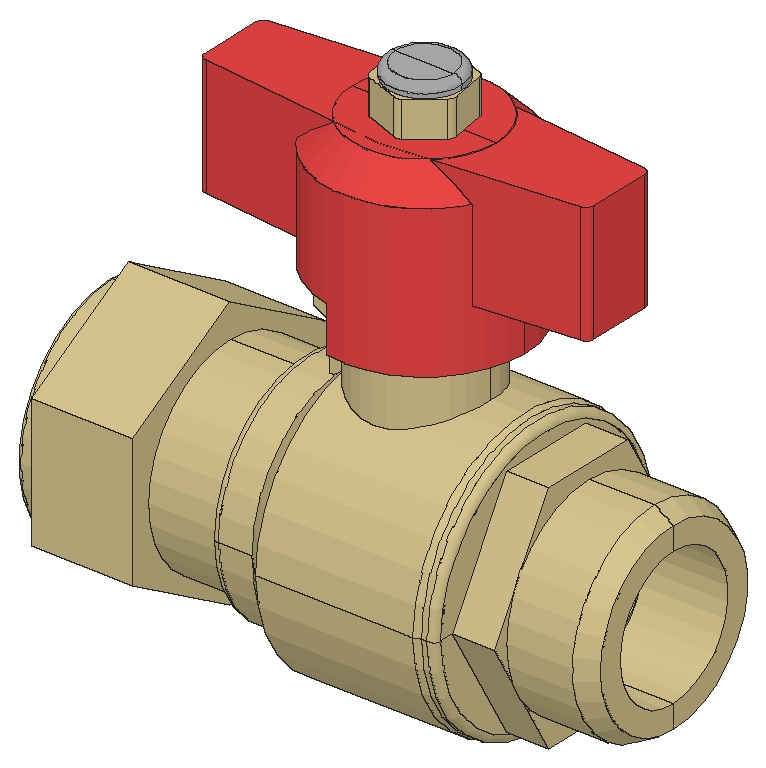
Revit family "QA10960000", category Apparecchi idraulici, Revit 2016
Family settings
  Tipo di parte = Normale
  Quota connettore circolare = Usa diametro
  Numero OmniClass = 23.45.00.00
  Titolo OmniClass = Sanitary, Laundry, and Cleaning Equipment
  Basato su piano di lavoro = No
  Sempre verticale = Sì
  Taglio con vuoti quando caricato = No
  Condiviso = No
  Punto di calcolo locali = No
Parameters
  URL = "https://web.cimberio.it/index.php/figura/1046?subcategoria_id=42864"
  DN Model [instance] = QA10963133 : QA10963133
  DN [instance] = 17.5 mm
Reference planes
  plane 1 "Centro (Fronte/Retro)": y = 0
  plane 2: z = 0
  plane 3 "Centro (Sinistra/Destra)": x = 0
Dimensions and locks
  aligned and locked: level to plane 2
Nested families
  nested 1: "QA10963133" at (0, 0, 0), type <- "DN Model", type "QA10963133"
    with DN 10 mm
  nested 2: "QA10963133" at (0, 0, 0), type <- "DN Model", type "QA10963133"
    with DN 10 mm
  nested 3: "QA10963133" at (0, 0, 0), type <- "DN Model", type "QA10963133"
    with DN 10 mm
  nested 4: "QA10963133" at (0, 0, 0), type <- "DN Model", type "QA10963133"
    with DN 10 mm
  nested 5: "QA10963133" at (0, 0, 0), type <- "DN Model", type "QA10963133"
    with DN 10 mm
  nested 6: "QA10963133" at (0, 0, 0), type <- "DN Model", type "QA10963133"
    with DN 10 mm
  nested 7: "QA10963133" at (0, 0, 0), type <- "DN Model", type "QA10963133"
    with DN 10 mm
  nested 8: "QA10963133" at (0, 0, 0), type <- "DN Model", type "QA10963133"
    with DN 10 mm
  nested 9: "QA10963133" at (0, 0, 0), type <- "DN Model", type "QA10963133"
    with DN 10 mm
Connectors
  piping at (21, 0, -0.013), diameter 17.5, driven by "DN"
    settings: on nested 1, index 1, connector inside diameter 609.6 mm, connector length 0 mm, flow factor 0, pipe flow 0.0 L/s, pressure drop 0.0 Pa, fitting loss kfactor 0, connector angle 0.00°, fixture units 0, engagement length 0 mm, angle of deflection 0.00°, flow configuration 0, flow direction 0, fitting loss method 0, system type 7, joint type 0, gender type 0, connector reference index -1, connector utility 0, adjustable connector no, is connector primary yes, connector description ""
  piping at (-38.041, 0, 0), diameter 17.5, driven by "DN"
    settings: on nested 1, index 2, connector inside diameter 609.6 mm, connector length 0 mm, flow factor 0, pipe flow 0.0 L/s, pressure drop 0.0 Pa, fitting loss kfactor 0, connector angle 0.00°, fixture units 0, engagement length 0 mm, angle of deflection 0.00°, flow configuration 0, flow direction 0, fitting loss method 0, system type 7, joint type 0, gender type 0, connector reference index -1, connector utility 0, adjustable connector no, is connector primary no, connector description ""
Definition of nested family "QA10963133"
  Parameters (values of type "QA10963133")
    DN [instance] = 10 mm  # constant formula
  Reference planes
    plane 1 "Centro (Fronte/Retro)": y = 0
    plane 2: z = 0
    plane 3 "Centro (Sinistra/Destra)": x = 0
  Forms (mm)
    Revolve 1, solid
      sketch origin (0, 0, 0) x (1, 0, 0) y (0, 1, 0)
        loop
          line (-15.5, 8.75) -> (15.5, 8.75) -> (15.5, 16.75)
          arc (15.5, 16.75) -> (15.207, 17.457) -> (14.504, 17.75) r 1
          line (14.504, 17.75) -> (13.722, 17.75) -> (12.914, 18) -> (-7.25, 18) -> (-10.25, 15) -> (-14.499, 15)
          arc (-14.499, 15) -> (-15.207, 14.707) -> (-15.5, 14) r 1
          line (-15.5, 14) -> (-15.5, 8.75)
        axis (-15.5, 0) -> (15.5, 0)
      angle from 0 to 360
    Revolve 2, solid
      sketch origin (0, 0, 2) x (1, 0, 0) y (0, 0, 1)
        loop
          line (0.063, 27.3) -> (0.063, 11.623) -> (8.5, 11.623) -> (8.5, 21)
          arc (8.5, 21) -> (8.863, 21.294) -> (9, 21.742) r 0.8
          line (9, 21.742) -> (9, 27.3) -> (0.063, 27.3)
        axis (0.063, 11.623) -> (0.063, 27.3)
      angle from 0 to 360
    Extrusion 3, solid
      sketch origin (0, 0, 2) x (1, 0, 0) y (0, 0, 1)
        loop
          line (-13, 26.3) -> (-13, 20) -> (-11, 18.845) -> (-11, 10.345) -> (-7.86, 10.345) -> (-7.86, 26.3) -> (-13, 26.3)
      from -1.5 to 1.5
    Revolve 4, solid
      sketch origin (0, 0, 2) x (1, 0, 0) y (0, 0, 1)
        loop
          line (0, 30.531) -> (-6.985, 30.531) -> (-6.985, 27.3) -> (0, 27.3) -> (0, 30.531)
        axis (0, 30.531) -> (0, 27.3)
      angle from 0 to 360
    Revolve 5, solid
      sketch origin (0, 0, 2) x (1, 0, 0) y (0, 0, 1)
        loop
          line (0, 45.8) -> (-9.25, 45.8) -> (-12.902, 42.148) -> (-12.902, 22.8) -> (-7.25, 22.8) -> (-7.25, 38.318) -> (0, 38.318) -> (0, 45.8)
        axis (0, 45.8) -> (0, 22.8)
      angle from 0 to 360
    Revolve 6, solid
      sketch origin (0, 0, 2) x (1, 0, 0) y (0, 0, 1)
        loop
          line (0, 51.8) -> (0, 50.016) -> (4.75, 50.016) -> (4.75, 50.8)
          arc (4.75, 50.8) -> (4.457, 51.507) -> (3.75, 51.8) r 1
          line (3.75, 51.8) -> (0, 51.8)
        axis (0, 51.8) -> (0, 50.016)
      angle from 0 to 360
    Extrusion 7, solid
      sketch origin (-0.001, 0, 30.55) x (0.956843, -0.290606, 0) y (0.290606, 0.956843, 0)
        loop
          line (5.501, 0.127) -> (3.472, 4.287)
          arc (3.472, 4.287) -> (3.145, 4.663) -> (2.674, 4.825) r 0.962
          line (2.674, 4.825) -> (-1.937, 5.147)
          arc (-1.937, 5.147) -> (-2.461, 5.045) -> (-2.864, 4.695) r 1.032
          line (-2.864, 4.695) -> (-5.424, 0.899)
          arc (-5.424, 0.899) -> (-5.599, 0.392) -> (-5.496, -0.136) r 1.038
          line (-5.496, -0.136) -> (-3.479, -4.272)
          arc (-3.479, -4.272) -> (-3.142, -4.659) -> (-2.657, -4.826) r 0.991
          line (-2.657, -4.826) -> (1.958, -5.149)
          arc (1.958, -5.149) -> (2.463, -5.05) -> (2.852, -4.713) r 0.994
          line (2.852, -4.713) -> (5.429, -0.891)
          arc (5.429, -0.891) -> (5.601, -0.392) -> (5.501, 0.127) r 1.021
      from 17.25 to 21.75
    Extrusion 8, void
      sketch origin (0, 0, 30.55) x (1, 0, 0) y (0, 1, 0)
        loop
          line (-8.5, 0) -> (-13.752, 0)
          arc (-13.752, 0) -> (-9.656, -9.363) -> (0, -12.711) r 12.75
          line (0, -12.711) -> (0, -8.5)
          arc (0, -8.5) -> (-6.01, -6.01) -> (-8.5, 0) r 8.5
      from -6.445 to 0.25
    Revolve 9, solid
      sketch origin (0, 0, 0) x (1, 0, 0) y (0, 0, 1)
        loop
          line (-15.5, 13.125) -> (-27.07, 13.125) -> (-27.07, 8.75) -> (-15.5, 8.75) -> (-15.5, 13.125)
        axis (-27.07, 0) -> (-15.5, 0)
      angle from 0 to 360
    Extrusion 10, solid
      sketch origin (-11, 0, 0) x (0, 0, 1) y (0, 1, 0)
        loop
          circle (0, 0) r 8.75
        loop
          line (17.4, 0) -> (8.451, 15.5) -> (-8.451, 15.5) -> (-17.4, 0) -> (-8.451, -15.5) -> (8.451, -15.5) -> (17.4, 0)
      from 14.041 to 27.041
    Revolve 11, solid
      sketch origin (0, 0, 0) x (1, 0, 0) y (0, 0, 1)
        loop
          line (-38.041, 14.75) -> (-40.041, 14.75)
          arc (-40.041, 14.75) -> (-40.408, 14.536) -> (-40.541, 14.133) r 0.601
          line (-40.541, 14.133) -> (-40.541, 8.75) -> (-38.041, 8.75) -> (-38.041, 14.75)
        axis (-40.541, 0) -> (-38.041, 0)
      angle from 0 to 360
    Revolve 12, solid
      sketch origin (0, 0, 0) x (-1, 0, 0) y (0, 0, -1)
        loop
          line (-20.998, -13.175) -> (-20.998, -8.75) -> (-32, -8.75) -> (-32, -11.732) -> (-29.523, -13.175) -> (-20.998, -13.175)
        axis (-32, 0) -> (-20.998, 0)
      angle from 0 to 360
    Extrusion 13, solid
      sketch origin (0, 0, 0) x (0, 0, 1) y (0, -1, 0)
        loop
          circle (0, 0) r 8.75
        loop
          line (0, 15) -> (-15, 6.34) -> (-15, -6.34) -> (0, -15) -> (14.961, -6.363) -> (14.961, 6.363) -> (0, 15)
      from 15.5 to 21
    Extrusion 14, solid
      sketch origin (0, 0, 28.55) x (1, 0, 0) y (0, 1, 0)
        loop
          arc (-24.099, 5.09) -> (-24.741, 4.766) -> (-25, 4.095) r 1
          line (-25, 4.095) -> (-25, -4.095)
          arc (-25, -4.095) -> (-24.741, -4.766) -> (-24.099, -5.09) r 1
          line (-24.099, -5.09) -> (0, -7.495) -> (24.099, -5.09)
          arc (24.099, -5.09) -> (24.741, -4.766) -> (25, -4.095) r 1
          line (25, -4.095) -> (25, 4.095)
          arc (25, 4.095) -> (24.741, 4.766) -> (24.099, 5.09) r 1
          line (24.099, 5.09) -> (0, 7.495) -> (-24.099, 5.09)
      from 3.981 to 19.25
  Cuts and joins
    Extrusion 8 cuts Revolve 5
  Dimensions and locks
    aligned and locked: level to plane 2
